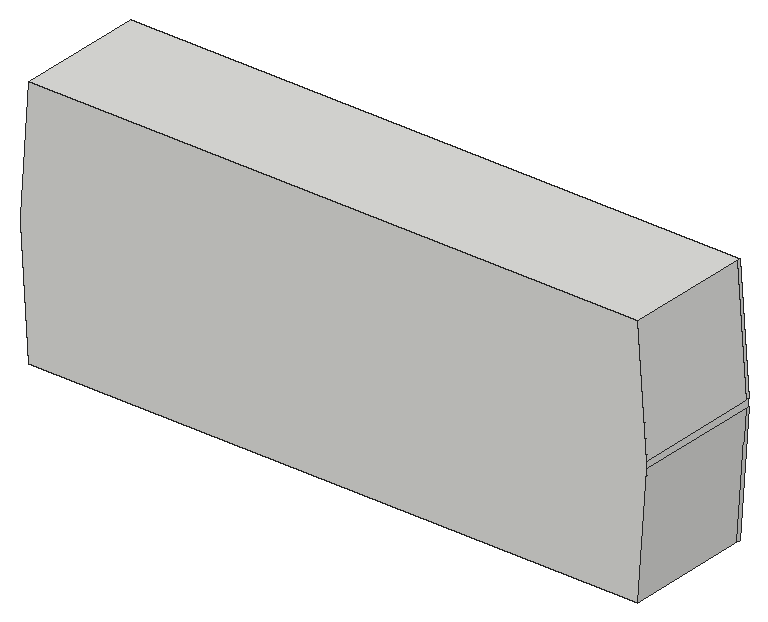
Revit family "290410 ProLED combi ST LED 230V 1t_Vegg", category Lighting Fixtures, Revit 2016
Family settings
  Part Type = Normal
  Round Connector Dimension = Use Diameter
  OmniClass Number = 23.80.70.11.21
  OmniClass Title = Emergency Lighting
  Work Plane-Based = No
  Always vertical = Yes
  Cut with Voids When Loaded = No
  Light Source = Yes
  Shared = No
  Room Calculation Point = No
Parameters (values of type "MarkeringsLys (45 Ned mot høyre)")
  Type Comments = "-UN"
  NS8360 = "4431_WT2"
  Markeringslys normal = yes
  Markeringslys ikke normal = no
  Keynote = "WT2"
  Height 2 = 0 mm  # constant formula
  Width = 73 mm  # constant formula
  Wattage Comments = "17 W"
  Wattage = 9.2903 W
  built-in parameter 1150110 = 1 (stored number, unit not read)
  Voltage = 230 V
  URL = ""
  built-in parameter 1114217 = 1 (stored number, unit not read)
  Tilt Angle = 90.00°
  built-in parameter 1150109 = 1 (stored number, unit not read)
  built-in parameter 1150134 = 3
  Symbol Positive Direction [instance] = yes
  Symbol Offset Side [instance] = 0 mm
  Symbol Offset Out [instance] = 0 mm
  built-in parameter 1150113 = 1 (stored number, unit not read)
  Reference Line Out [instance] = 50 mm
  Photometric Web File = "20x42A12.ies"
  Number of Poles = 1
  MarkeringsLys Venstre = no
  MarkeringsLys Ned = no
  MarkeringsLys Opp = no
  MarkeringsLys Høyre = no
  MarkeringsLys 45 Opp mot venstre = no
  MarkeringsLys 45 Opp mot høyre = no
  MarkeringsLys 45 Ned mot venstre = no
  MarkeringsLys 45 Ned mot høyre = yes
  ML = yes
  built-in parameter 1150105 = 109.82 (stored number, unit not read)
  Lumens = 1380 lm
  built-in parameter 1150115 = 1 (stored number, unit not read)
  Load Classification [instance] = Other
  Model = ""
  Manufacturer = "Honeywell"
  built-in parameter 1150137 = (empty or 0)
  built-in parameter 1150139 = (empty or 0)
  Length 1 = Length - 15 mm  # 345 mm
  Length = 360 mm  # constant formula
  LedeLys = no
  built-in parameter 1150112 = 1 (stored number, unit not read)
  built-in parameter 1150114 = 1 (stored number, unit not read)
  Lamp = "1"
  built-in parameter 1150132 = (empty or 0)
  built-in parameter 1150102 = (empty or 0)
  built-in parameter 1150107 = 3200 (stored number, unit not read)
  built-in parameter 1150138 = (empty or 0)
  built-in parameter 1150106 = 1.0982 (stored number, unit not read)
  Height 1 = Height - 10 mm  # 135 mm
  Height = 145 mm  # constant formula
  Emit from Rectangle Width = Height  # 145 mm
  Emit from Rectangle Length = Length  # 360 mm
  Emit Shape Visible in Rendering = no
  built-in parameter 1150104 = 13.8 (stored number, unit not read)
  Dimming Lamp Color Temperature Shift = <None>
  Description = ""
  Color Filter = 16777215
  Body Material and Colour = Steel
  built-in parameter 1114218 = 1 (stored number, unit not read)
  built-in parameter 1150133 = 10 (stored number, unit not read)
  Assembly Code = "4431"
  Apparent Load = 17 VA
Types (9, lengths in mm): name | NS8360 | Markeringslys normal | Markeringslys ikke normal | MarkeringsLys Venstre | MarkeringsLys Ned | MarkeringsLys Opp | MarkeringsLys Høyre | MarkeringsLys 45 Opp mot venstre | MarkeringsLys 45 Opp mot høyre | MarkeringsLys 45 Ned mot venstre | MarkeringsLys 45 Ned mot høyre | ML | LedeLys | Assembly Code
  LedeLys | "4432_WT2" | no | yes | no | no | no | no | no | no | no | no | no | yes | "4432"
  MarkeringsLys (Ned) | "4431_WT2" | yes | no | no | yes | no | no | no | no | no | no | yes | no | "4431"
  MarkeringsLys (Opp) | "4431_WT2" | yes | no | no | no | yes | no | no | no | no | no | yes | no | "4431"
  MarkeringsLys (Venstre) | "4431_WT2" | no | yes | yes | no | no | no | no | no | no | no | yes | no | "4431"
  MarkeringsLys (Høyre) | "4431_WT2" | yes | no | no | no | no | yes | no | no | no | no | yes | no | "4431"
  MarkeringsLys (45 Ned mot høyre) | "4431_WT2" | yes | no | no | no | no | no | no | no | no | yes | yes | no | "4431"
  MarkeringsLys (45 Ned mot venstre) | "4431_WT2" | no | yes | no | no | no | no | no | no | yes | no | yes | no | "4431"
  MarkeringsLys (45 Opp mot høyre) | "4431_WT2" | yes | no | no | no | no | no | no | yes | no | no | yes | no | "4431"
  MarkeringsLys (45 Opp mot venstre) | "4431_WT2" | no | yes | no | no | no | no | yes | no | no | no | yes | no | "4431"
Reference planes
  plane 1 "Light Source Axis (F/B)": y = 119.961
  plane 2 "Top": z = 83
  plane 3 "Light Source Axis (L/R)": x = 0
  plane 4 "Level": z = 0
  plane 5 "Bottom": z = -145
  plane 6: x = -180
  plane 7: x = 180
  plane 8: y = 190.961
  plane 9: y = 192.961
  plane 10: z = -5
  plane 11: x = -172.5
  plane 12: x = 172.5
  plane 13: z = -72.5
  plane 14: z = -140
  plane 15: x = -80
  plane 16: x = 80
  plane 17: y = 149.961
Forms (mm)
  Extrusion 1, solid, material "Steel" <- "Body Material and Colour"
    sketch origin (0, 119.961, 0) x (1, 0, 0) y (0, 0, 1)
      loop
        arc (-175, 0) -> (-178.748, -35.161) -> (-180, -70.5) r 499.525
        line (-180, -70.5) -> (-180, -74.5)
        arc (-180, -74.5) -> (-178.748, -109.839) -> (-175, -145) r 499.525
        line (-175, -145) -> (175, -145)
        arc (175, -145) -> (178.748, -109.839) -> (180, -74.5) r 499.525
        line (180, -74.5) -> (180, -70.5)
        arc (180, -70.5) -> (178.748, -35.161) -> (175, 0) r 499.525
        line (175, 0) -> (-175, 0)
    from 0 to -71
  Extrusion 2, solid, material "Steel" <- "Body Material and Colour"
    sketch origin (0, 119.961, 0) x (1, 0, 0) y (0, 0, 1)
      loop
        arc (-175, 0) -> (-178.748, -35.161) -> (-180, -70.5) r 499.525
        line (-180, -70.5) -> (-180, -74.5)
        arc (-180, -74.5) -> (-178.748, -109.839) -> (-175, -145) r 499.525
        line (-175, -145) -> (175, -145)
        arc (175, -145) -> (178.748, -109.839) -> (180, -74.5) r 499.525
        line (180, -74.5) -> (180, -70.5)
        arc (180, -70.5) -> (178.748, -35.161) -> (175, 0) r 499.525
        line (175, 0) -> (-175, 0)
      loop
        line (-172.5, -5) -> (-172.5, -140) -> (172.5, -140) -> (172.5, -5) -> (-172.5, -5)
    from -73 to -71
  Extrusion 3, solid, material "White"
    sketch origin (0, 119.961, 0) x (1, 0, 0) y (0, 0, 1)
      loop
        line (172.5, -5) -> (-172.5, -5) -> (-172.5, -140) -> (172.5, -140) -> (172.5, -5)
    from -71 to -30
Cuts and joins
  joined: Extrusion 1, Extrusion 2
Lines and regions (mm)
  model lines, style "InvisibleLines"
    curve 1: line (0, 119.961, 0) -> (0, 169.961, 0)
  symbolic lines, style "InvisibleLines"
    curve 2: line (0, 119.961, 0) -> (0, 119.961, 50)
Dimensions and locks
  equal spacing: plane 6, plane 3 "Light Source Axis (L/R)", plane 7
  "Length": plane 6 to plane 7
  plane 8 to plane 1 "Light Source Axis (F/B)" = 71 mm
  locked: plane 9 to plane 8 at 2
  equal spacing: plane 4 "Level", plane 13, plane 5 "Bottom"
  "Height": plane 4 "Level" to plane 5 "Bottom"
  equal spacing: plane 11, plane 3 "Light Source Axis (L/R)", plane 12
  "Length 1": plane 11 to plane 12
  equal spacing: plane 10, plane 13, plane 14
  "Height 1": plane 10 to plane 14
  "Width": plane 1 "Light Source Axis (F/B)" to plane 9
  "Reference Line Out": plane 1 "Light Source Axis (F/B)" to curve 1
  plane 11 to plane 6 = 7.5 mm
  "Height 2": level to plane 4 "Level"
  equal spacing: plane 16, plane 3 "Light Source Axis (L/R)", plane 15
  locked: plane 16 to plane 15 at 160
  plane 1 "Light Source Axis (F/B)" to plane 17 = 30 mm
  aligned and locked: plane 3 "Light Source Axis (L/R)" to nested 2
  aligned and locked: plane 1 "Light Source Axis (F/B)" to nested 2
  aligned and locked: plane 8 to nested 1
  aligned and locked: plane 4 "Level" to Extrusion 1 sketch curve
  aligned and locked: plane 5 "Bottom" to Extrusion 1 sketch curve
  aligned and locked: Extrusion 1 to plane 8
  aligned and locked: plane 1 "Light Source Axis (F/B)" to Extrusion 1
  aligned and locked: plane 4 "Level" to Extrusion 2 sketch curve
  aligned and locked: plane 5 "Bottom" to Extrusion 2 sketch curve
  aligned and locked: plane 6 to Extrusion 2 sketch curve
  aligned and locked: Extrusion 2 sketch curve to plane 10
  aligned and locked: plane 11 to Extrusion 2 sketch curve
  aligned and locked: plane 14 to Extrusion 2 sketch curve
  aligned and locked: Extrusion 2 sketch curve to plane 12
  aligned and locked: plane 8 to Extrusion 2
  aligned and locked: Extrusion 2 to plane 9
  aligned and locked: nested 1 to plane 13
  aligned and locked: plane 13 to imposter light
  aligned and locked: imposter light to plane 1 "Light Source Axis (F/B)"
  aligned and locked: imposter light to plane 3 "Light Source Axis (L/R)"
  aligned and locked: plane 1 "Light Source Axis (F/B)" to curve 1
  aligned and locked: plane 3 "Light Source Axis (L/R)" to curve 1
  aligned and locked: nested 3 to plane 3 "Light Source Axis (L/R)"
  aligned and locked: plane 13 to nested 3
  aligned and locked: nested 3 to plane 8
  aligned and locked: plane 13 to nested 4
  aligned and locked: nested 4 to plane 3 "Light Source Axis (L/R)"
  aligned and locked: nested 4 to plane 8
  aligned and locked: plane 13 to nested 5
  aligned and locked: nested 5 to plane 3 "Light Source Axis (L/R)"
  aligned and locked: nested 5 to plane 8
  aligned and locked: plane 13 to nested 6
  aligned and locked: nested 6 to plane 3 "Light Source Axis (L/R)"
  aligned and locked: nested 6 to plane 8
  aligned and locked: nested 7 to plane 8
  aligned and locked: nested 7 to plane 3 "Light Source Axis (L/R)"
  aligned and locked: plane 13 to nested 7
  aligned and locked: nested 8 to plane 8
  aligned and locked: nested 8 to plane 3 "Light Source Axis (L/R)"
  aligned and locked: plane 13 to nested 8
  aligned and locked: nested 9 to plane 8
  aligned and locked: plane 13 to nested 9
  aligned and locked: nested 9 to plane 3 "Light Source Axis (L/R)"
  aligned and locked: Extrusion 3 sketch curve to plane 12
  aligned and locked: plane 14 to Extrusion 3 sketch curve
  aligned and locked: plane 11 to Extrusion 3 sketch curve
  aligned and locked: Extrusion 3 sketch curve to plane 10
  aligned and locked: Extrusion 3 to plane 8
  aligned and locked: Extrusion 3 to plane 17
  aligned and locked: Extrusion 1 sketch curve to plane 7
  aligned and locked: plane 7 to Extrusion 2 sketch curve
  aligned and locked: plane 3 "Light Source Axis (L/R)" to curve 2
  aligned and locked: level to curve 2
  aligned and locked: plane 3 "Light Source Axis (L/R)" to nested 10
  aligned and locked: plane 1 "Light Source Axis (F/B)" to nested 10
Automatic sketch dimensions
  Extrusion 1 sketch curve to plane 6 = 0 mm
  plane 13 to Extrusion 1 sketch curve = 2 mm  (x2)
  Extrusion 1 sketch curve to Extrusion 1 sketch curve = 139.525 mm
  Extrusion 1 sketch curve to plane 13 = 2 mm  (x2)
  Extrusion 1 sketch curve to Extrusion 1 sketch curve = 0 mm  (x2)
  plane 6 to Extrusion 1 sketch curve = 5 mm
  plane 13 to Extrusion 2 sketch curve = 2 mm  (x2)
  Extrusion 2 sketch curve to plane 6 = 139.525 mm
  Extrusion 2 sketch curve to plane 13 = 2 mm  (x2)
  Extrusion 2 sketch curve to Extrusion 2 sketch curve = 0 mm  (x2)
  plane 6 to Extrusion 2 sketch curve = 5 mm
  plane 2 "Top" to curve 2 = 33 mm
Nested families
  nested 1: "Formula 65_ned" at (0, 190.961, -72.5), type "Formula 65"
  nested 2: "LedelysS" at (0, 119.961, 0), visible <- "LedeLys", type "Type 1"
  nested 3: "Formula 65_skrått 45 grader ned mot høyre" at (0, 190.961, -72.5) x (-1, 0, 0) z (0, 0, 1), visible <- "LedeLys", type "Formula 65"
  nested 4: "Formula 65_skrått 45 grader ned mot venstre" at (0, 190.961, -72.5) x (-1, 0, 0) z (0, 0, 1), type "Formula 65"
  nested 5: "Formula 65_skrått 45 grader opp mot høyre" at (0, 190.961, -72.5) x (-1, 0, 0) z (0, 0, 1), type "Formula 65"
  nested 6: "Formula 65_skrått 45 grader opp mot venstre" at (0, 190.961, -72.5) x (-1, 0, 0) z (0, 0, 1), type "Formula 65"
  nested 7: "Formula 65_høyre" at (0, 190.961, -72.5) x (-1, 0, 0) z (0, 0, 1), type "Formula 65"
  nested 8: "Formula 65_opp" at (0, 190.961, -72.5) x (-1, 0, 0) z (0, 0, 1), type "Formula 65"
  nested 9: "Formula 65_venstre" at (0, 190.961, -72.5) x (-1, 0, 0) z (0, 0, 1), type "Formula 65"
  nested 10: "Markeringslys1sideS" at (0, 119.961, 0), visible <- "ML", type "Type 1"
Connectors
  electrical at (0, 119.961, 0), driven by "Number of Poles", driven by "Load Classification", driven by "Voltage", driven by "Apparent Load"
    settings: index 1, voltage 230 V, apparent load 0 VA, apparent load phase1 17 VA, apparent load phase2 0 VA, apparent load phase3 0 VA, power factor 1, load classification "Other", number of poles 1, system type 31, power factor state 1, is connector primary yes, connector utility no, sub classification motor no, connector description ""
Definition of nested family "Formula 65_skrått 45 grader ned mot høyre"
  Parameters (values of type "Formula 65")
    L = 205 mm
    H = 135 mm
    45 ned mot høyre = yes
  Reference planes
    plane 1 "Center (Front/Back)": y = 0
    plane 2: z = 0
    plane 3 "Center (Left/Right)": x = 0
    plane 4: y = -2
  Forms (mm)
    Extrusion 1, solid, visible <- "45 ned mot høyre"
      sketch origin (453.48, 0, -265.275) x (1, 0, 0) y (0, 0, 1)
        loop
          line (-280.98, 332.775) -> (-625.98, 332.775) -> (-625.98, 197.775) -> (-280.98, 197.775) -> (-280.98, 332.775)
        loop
          circle (-489.344, 311.311) r 8.584
        loop
          line (-496.375, 296.212) -> (-503.256, 301.986) -> (-544.493, 293.956) -> (-554.828, 278.04)
          arc (-554.828, 278.04) -> (-555.16, 276.251) -> (-554.129, 274.751) r 2.378
          line (-554.129, 274.751) -> (-551.383, 272.968)
          arc (-551.383, 272.968) -> (-549.533, 272.65) -> (-548.029, 273.773) r 2.378
          line (-548.029, 273.773) -> (-540.601, 286.639) -> (-519.978, 290.655) -> (-539.937, 256.084) -> (-560.502, 256.084)
          arc (-560.502, 256.084) -> (-563.304, 254.924) -> (-564.465, 252.121) r 3.963
          line (-564.465, 252.121) -> (-564.465, 248.158)
          arc (-564.465, 248.158) -> (-563.304, 245.356) -> (-560.502, 244.195) r 3.963
          line (-560.502, 244.195) -> (-519.345, 244.195) -> (-513.014, 255.162) -> (-505.021, 248.455) -> (-505.021, 216.163)
          arc (-505.021, 216.163) -> (-503.86, 213.361) -> (-501.058, 212.2) r 3.963
          line (-501.058, 212.2) -> (-497.095, 212.2)
          arc (-497.095, 212.2) -> (-494.293, 213.361) -> (-493.132, 216.163) r 3.963
          line (-493.132, 216.163) -> (-493.132, 253.999) -> (-506.978, 265.617) -> (-500.942, 276.072) -> (-487.759, 265.011)
          arc (-487.759, 265.011) -> (-486.024, 264.463) -> (-484.41, 265.304) r 2.378
          line (-484.41, 265.304) -> (-482.372, 267.732)
          arc (-482.372, 267.732) -> (-481.824, 269.468) -> (-482.665, 271.082) r 2.378
          line (-482.665, 271.082) -> (-496.917, 283.042) -> (-491.898, 291.735) -> (-496.375, 296.212)
        loop
          line (-348.33, 266.575) -> (-359.603, 277.848) -> (-359.603, 251.545) -> (-415.243, 307.186) -> (-426.516, 295.913) -> (-370.876, 240.273) -> (-397.178, 240.273) -> (-385.906, 229) -> (-348.33, 229) -> (-348.33, 266.575)
      from 0 to 2
  Dimensions and locks
    aligned and locked: level to plane 2
Definition of nested family "Formula 65_ned"
  Parameters (values of type "Formula 65")
    Ned = yes
    L = 205 mm
    H = 135 mm
  Reference planes
    plane 1 "Center (Front/Back)": y = 0
    plane 2: z = 0
    plane 3 "Center (Left/Right)": x = 0
    plane 4: y = -2
  Forms (mm)
    Extrusion 1, solid, visible <- "Ned"
      sketch origin (453.48, 0, -265.275) x (1, 0, 0) y (0, 0, 1)
        loop
          line (-280.98, 332.775) -> (-625.98, 332.775) -> (-625.98, 197.775) -> (-280.98, 197.775) -> (-280.98, 332.775)
        loop
          line (-504.749, 240.544) -> (-504.749, 256.486) -> (-523.347, 237.888) -> (-523.347, 316.575) -> (-539.289, 316.575) -> (-539.289, 237.888) -> (-557.888, 256.486) -> (-557.888, 240.544) -> (-531.318, 213.975) -> (-504.749, 240.544)
        loop
          circle (-417.615, 311.311) r 8.584
        loop
          line (-410.584, 296.212) -> (-415.061, 291.735) -> (-410.042, 283.042) -> (-424.294, 271.082)
          arc (-424.294, 271.082) -> (-425.135, 269.468) -> (-424.587, 267.732) r 2.378
          line (-424.587, 267.732) -> (-422.549, 265.304)
          arc (-422.549, 265.304) -> (-420.935, 264.463) -> (-419.2, 265.011) r 2.378
          line (-419.2, 265.011) -> (-406.018, 276.072) -> (-399.981, 265.617) -> (-413.827, 253.999) -> (-413.827, 216.163)
          arc (-413.827, 216.163) -> (-412.666, 213.361) -> (-409.864, 212.2) r 3.963
          line (-409.864, 212.2) -> (-405.901, 212.2)
          arc (-405.901, 212.2) -> (-403.099, 213.361) -> (-401.938, 216.163) r 3.963
          line (-401.938, 216.163) -> (-401.938, 248.455) -> (-393.945, 255.162) -> (-387.614, 244.195) -> (-346.457, 244.195)
          arc (-346.457, 244.195) -> (-343.655, 245.356) -> (-342.494, 248.158) r 3.963
          line (-342.494, 248.158) -> (-342.494, 252.121)
          arc (-342.494, 252.121) -> (-343.655, 254.924) -> (-346.457, 256.084) r 3.963
          line (-346.457, 256.084) -> (-367.022, 256.084) -> (-386.981, 290.655) -> (-366.358, 286.639) -> (-358.93, 273.773)
          arc (-358.93, 273.773) -> (-357.426, 272.65) -> (-355.576, 272.968) r 2.378
          line (-355.576, 272.968) -> (-352.83, 274.751)
          arc (-352.83, 274.751) -> (-351.799, 276.251) -> (-352.131, 278.04) r 2.378
          line (-352.131, 278.04) -> (-362.467, 293.956) -> (-403.704, 301.986) -> (-410.584, 296.212)
      from 0 to 2
  Dimensions and locks
    aligned and locked: level to plane 2
Definition of nested family "LedelysS"
  Parameters
    CQ Symbol Positive Direction = yes
    CQ Symbol Negative Direction = not(CQ Symbol Positive Direction)  # no
    CQ Symbol Offset Side = 0 mm
    CQ Symbol Offset Out = 0 mm
  Reference planes
    plane 1: y = 0
    plane 2: x = 0
  Dimensions and locks
    "CQ Symbol Offset Out": plane 1 to nested 1
    "CQ Symbol Offset Out": plane 1 to nested 2
    "CQ Symbol Offset Side": plane 2 to nested 2
    "CQ Symbol Offset Side": nested 1 to plane 2
  Nested families
    nested 1: "LedelysSub" at (0, 0, 0), visible <- "CQ Symbol Negative Direction", type "Type 1"
    nested 2: "LedelysSub" at (0, 0, 0), visible <- "CQ Symbol Positive Direction", type "Type 1"
  Definition of nested family "LedelysSub"
    Reference planes
      plane 1: y = 0
      plane 2: x = 0
    Lines and regions (mm)
      detail lines
        curve 1: line (-4, 0, 0) -> (4, 0, 0)
        curve 2: line (4, 0, 0) -> (4, 4, 0)
        curve 3: line (4, 4, 0) -> (-4, 4, 0)
        curve 4: line (-4, 4, 0) -> (-4, 0, 0)
        curve 5: line (-3.097, 0.75, 0) -> (-0.597, 3.25, 0)
        curve 6: line (-3.097, 3.25, 0) -> (-0.597, 0.75, 0)
        curve 7: circle (-1.847, 2, 0) r 1.2 normal (0, 0, 1)
    Text (mm)
      text "LL" at (2.179, 3.025, 0)
Definition of nested family "Formula 65_skrått 45 grader ned mot venstre"
  Parameters (values of type "Formula 65")
    L = 205 mm
    H = 135 mm
    45 ned mot venstre = yes
  Reference planes
    plane 1 "Center (Front/Back)": y = 0
    plane 2: z = 0
    plane 3 "Center (Left/Right)": x = 0
    plane 4: y = -2
  Forms (mm)
    Extrusion 1, solid, visible <- "45 ned mot venstre"
      sketch origin (453.48, 0, -265.275) x (1, 0, 0) y (0, 0, 1)
        loop
          line (-280.98, 332.775) -> (-625.98, 332.775) -> (-625.98, 197.775) -> (-280.98, 197.775) -> (-280.98, 332.775)
        loop
          circle (-417.615, 311.311) r 8.584
        loop
          line (-410.584, 296.212) -> (-415.061, 291.735) -> (-410.042, 283.042) -> (-424.294, 271.082)
          arc (-424.294, 271.082) -> (-425.135, 269.468) -> (-424.587, 267.732) r 2.378
          line (-424.587, 267.732) -> (-422.549, 265.304)
          arc (-422.549, 265.304) -> (-420.935, 264.463) -> (-419.2, 265.011) r 2.378
          line (-419.2, 265.011) -> (-406.018, 276.072) -> (-399.981, 265.617) -> (-413.827, 253.999) -> (-413.827, 216.163)
          arc (-413.827, 216.163) -> (-412.666, 213.361) -> (-409.864, 212.2) r 3.963
          line (-409.864, 212.2) -> (-405.901, 212.2)
          arc (-405.901, 212.2) -> (-403.099, 213.361) -> (-401.938, 216.163) r 3.963
          line (-401.938, 216.163) -> (-401.938, 248.455) -> (-393.945, 255.162) -> (-387.614, 244.195) -> (-346.457, 244.195)
          arc (-346.457, 244.195) -> (-343.655, 245.356) -> (-342.494, 248.158) r 3.963
          line (-342.494, 248.158) -> (-342.494, 252.121)
          arc (-342.494, 252.121) -> (-343.655, 254.924) -> (-346.457, 256.084) r 3.963
          line (-346.457, 256.084) -> (-367.022, 256.084) -> (-386.981, 290.655) -> (-366.358, 286.639) -> (-358.93, 273.773)
          arc (-358.93, 273.773) -> (-357.426, 272.65) -> (-355.576, 272.968) r 2.378
          line (-355.576, 272.968) -> (-352.83, 274.751)
          arc (-352.83, 274.751) -> (-351.799, 276.251) -> (-352.131, 278.04) r 2.378
          line (-352.131, 278.04) -> (-362.467, 293.956) -> (-403.704, 301.986) -> (-410.584, 296.212)
        loop
          line (-553.229, 266.575) -> (-553.229, 229) -> (-515.653, 229) -> (-504.381, 240.273) -> (-530.684, 240.273) -> (-475.043, 295.913) -> (-486.316, 307.186) -> (-541.956, 251.545) -> (-541.956, 277.848) -> (-553.229, 266.575)
      from 0 to 2
  Dimensions and locks
    aligned and locked: level to plane 2
Definition of nested family "Formula 65_skrått 45 grader opp mot høyre"
  Parameters (values of type "Formula 65")
    L = 205 mm
    H = 135 mm
    45 grader opp mot høyre = yes
  Reference planes
    plane 1 "Center (Front/Back)": y = 0
    plane 2: z = 0
    plane 3 "Center (Left/Right)": x = 0
    plane 4: y = -2
  Forms (mm)
    Extrusion 1, solid, visible <- "45 grader opp mot høyre"
      sketch origin (453.48, 0, -265.275) x (1, 0, 0) y (0, 0, 1)
        loop
          line (-280.98, 332.775) -> (-625.98, 332.775) -> (-625.98, 197.775) -> (-280.98, 197.775) -> (-280.98, 332.775)
        loop
          circle (-489.344, 311.311) r 8.584
        loop
          line (-496.375, 296.212) -> (-503.256, 301.986) -> (-544.493, 293.956) -> (-554.828, 278.04)
          arc (-554.828, 278.04) -> (-555.16, 276.251) -> (-554.129, 274.751) r 2.378
          line (-554.129, 274.751) -> (-551.383, 272.968)
          arc (-551.383, 272.968) -> (-549.533, 272.65) -> (-548.029, 273.773) r 2.378
          line (-548.029, 273.773) -> (-540.601, 286.639) -> (-519.978, 290.655) -> (-539.937, 256.084) -> (-560.502, 256.084)
          arc (-560.502, 256.084) -> (-563.304, 254.924) -> (-564.465, 252.121) r 3.963
          line (-564.465, 252.121) -> (-564.465, 248.158)
          arc (-564.465, 248.158) -> (-563.304, 245.356) -> (-560.502, 244.195) r 3.963
          line (-560.502, 244.195) -> (-519.345, 244.195) -> (-513.014, 255.162) -> (-505.021, 248.455) -> (-505.021, 216.163)
          arc (-505.021, 216.163) -> (-503.86, 213.361) -> (-501.058, 212.2) r 3.963
          line (-501.058, 212.2) -> (-497.095, 212.2)
          arc (-497.095, 212.2) -> (-494.293, 213.361) -> (-493.132, 216.163) r 3.963
          line (-493.132, 216.163) -> (-493.132, 253.999) -> (-506.978, 265.617) -> (-500.942, 276.072) -> (-487.759, 265.011)
          arc (-487.759, 265.011) -> (-486.024, 264.463) -> (-484.41, 265.304) r 2.378
          line (-484.41, 265.304) -> (-482.372, 267.732)
          arc (-482.372, 267.732) -> (-481.824, 269.468) -> (-482.665, 271.082) r 2.378
          line (-482.665, 271.082) -> (-496.917, 283.042) -> (-491.898, 291.735) -> (-496.375, 296.212)
        loop
          line (-348.33, 263.974) -> (-348.33, 301.549) -> (-385.906, 301.549) -> (-397.178, 290.277) -> (-370.876, 290.277) -> (-426.516, 234.636) -> (-415.243, 223.364) -> (-359.603, 279.004) -> (-359.603, 252.701) -> (-348.33, 263.974)
      from 0 to 2
  Dimensions and locks
    aligned and locked: level to plane 2
Definition of nested family "Formula 65_skrått 45 grader opp mot venstre"
  Parameters (values of type "Formula 65")
    L = 205 mm
    H = 135 mm
    45 opp mot venstre = yes
  Reference planes
    plane 1 "Center (Front/Back)": y = 0
    plane 2: z = 0
    plane 3 "Center (Left/Right)": x = 0
    plane 4: y = -2
  Forms (mm)
    Extrusion 1, solid, visible <- "45 opp mot venstre"
      sketch origin (453.48, 0, -265.275) x (1, 0, 0) y (0, 0, 1)
        loop
          line (-280.98, 332.775) -> (-625.98, 332.775) -> (-625.98, 197.775) -> (-280.98, 197.775) -> (-280.98, 332.775)
        loop
          circle (-413.631, 316.426) r 9.538
        loop
          line (-405.818, 299.649) -> (-410.792, 294.675) -> (-405.215, 285.016) -> (-421.051, 271.728)
          arc (-421.051, 271.728) -> (-421.985, 269.934) -> (-421.377, 268.006) r 2.642
          line (-421.377, 268.006) -> (-419.113, 265.307)
          arc (-419.113, 265.307) -> (-417.319, 264.373) -> (-415.391, 264.981) r 2.642
          line (-415.391, 264.981) -> (-400.744, 277.271) -> (-394.037, 265.655) -> (-409.421, 252.746) -> (-409.421, 210.706)
          arc (-409.421, 210.706) -> (-408.132, 207.592) -> (-405.018, 206.303) r 4.403
          line (-405.018, 206.303) -> (-400.615, 206.303)
          arc (-400.615, 206.303) -> (-397.501, 207.592) -> (-396.211, 210.706) r 4.403
          line (-396.211, 210.706) -> (-396.211, 246.586) -> (-387.33, 254.038) -> (-380.295, 241.853) -> (-334.565, 241.853)
          arc (-334.565, 241.853) -> (-331.452, 243.143) -> (-330.162, 246.257) r 4.403
          line (-330.162, 246.257) -> (-330.162, 250.66)
          arc (-330.162, 250.66) -> (-331.452, 253.773) -> (-334.565, 255.063) r 4.403
          line (-334.565, 255.063) -> (-357.415, 255.063) -> (-379.592, 293.474) -> (-356.678, 289.013) -> (-348.425, 274.717)
          arc (-348.425, 274.717) -> (-346.753, 273.469) -> (-344.698, 273.823) r 2.642
          line (-344.698, 273.823) -> (-341.647, 275.804)
          arc (-341.647, 275.804) -> (-340.501, 277.47) -> (-340.87, 279.459) r 2.642
          line (-340.87, 279.459) -> (-352.354, 297.143) -> (-398.173, 306.065) -> (-405.818, 299.649)
        loop
          line (-576.312, 263.83) -> (-563.787, 251.304) -> (-563.787, 280.53) -> (-501.964, 218.707) -> (-489.439, 231.232) -> (-551.262, 293.055) -> (-522.037, 293.055) -> (-534.562, 305.58) -> (-576.312, 305.58) -> (-576.312, 263.83)
      from 0 to 2
  Dimensions and locks
    aligned and locked: level to plane 2
Definition of nested family "Formula 65_høyre"
  Parameters (values of type "Formula 65")
    L = 205 mm
    Høyre = yes
    H = 135 mm
  Reference planes
    plane 1 "Center (Front/Back)": y = 0
    plane 2: z = 0
    plane 3 "Center (Left/Right)": x = 0
    plane 4: y = -2
  Forms (mm)
    Extrusion 1, solid, visible <- "Høyre"
      sketch origin (453.48, 0, -265.275) x (1, 0, 0) y (0, 0, 1)
        loop
          line (-280.98, 332.775) -> (-625.98, 332.775) -> (-625.98, 197.775) -> (-280.98, 197.775) -> (-280.98, 332.775)
        loop
          circle (-489.344, 311.311) r 8.584
        loop
          line (-496.375, 296.212) -> (-503.256, 301.986) -> (-544.493, 293.956) -> (-554.828, 278.04)
          arc (-554.828, 278.04) -> (-555.16, 276.251) -> (-554.129, 274.751) r 2.378
          line (-554.129, 274.751) -> (-551.383, 272.968)
          arc (-551.383, 272.968) -> (-549.533, 272.65) -> (-548.029, 273.773) r 2.378
          line (-548.029, 273.773) -> (-540.601, 286.639) -> (-519.978, 290.655) -> (-539.937, 256.084) -> (-560.502, 256.084)
          arc (-560.502, 256.084) -> (-563.304, 254.924) -> (-564.465, 252.121) r 3.963
          line (-564.465, 252.121) -> (-564.465, 248.158)
          arc (-564.465, 248.158) -> (-563.304, 245.356) -> (-560.502, 244.195) r 3.963
          line (-560.502, 244.195) -> (-519.345, 244.195) -> (-513.014, 255.162) -> (-505.021, 248.455) -> (-505.021, 216.163)
          arc (-505.021, 216.163) -> (-503.86, 213.361) -> (-501.058, 212.2) r 3.963
          line (-501.058, 212.2) -> (-497.095, 212.2)
          arc (-497.095, 212.2) -> (-494.293, 213.361) -> (-493.132, 216.163) r 3.963
          line (-493.132, 216.163) -> (-493.132, 253.999) -> (-506.978, 265.617) -> (-500.942, 276.072) -> (-487.759, 265.011)
          arc (-487.759, 265.011) -> (-486.024, 264.463) -> (-484.41, 265.304) r 2.378
          line (-484.41, 265.304) -> (-482.372, 267.732)
          arc (-482.372, 267.732) -> (-481.824, 269.468) -> (-482.665, 271.082) r 2.378
          line (-482.665, 271.082) -> (-496.917, 283.042) -> (-491.898, 291.735) -> (-496.375, 296.212)
        loop
          line (-357.175, 291.844) -> (-373.117, 291.844) -> (-354.518, 273.246) -> (-433.205, 273.246) -> (-433.205, 257.304) -> (-354.518, 257.304) -> (-373.117, 238.705) -> (-357.175, 238.705) -> (-330.605, 265.275) -> (-357.175, 291.844)
      from 0 to 2
  Dimensions and locks
    aligned and locked: level to plane 2
Definition of nested family "Formula 65_opp"
  Parameters (values of type "Formula 65")
    Up = yes
    L = 205 mm
    H = 135 mm
  Reference planes
    plane 1 "Center (Front/Back)": y = 0
    plane 2: z = 0
    plane 3 "Center (Left/Right)": x = 0
    plane 4: y = -2
  Forms (mm)
    Extrusion 1, solid, visible <- "Up"
      sketch origin (453.48, 0, -265.275) x (1, 0, 0) y (0, 0, 1)
        loop
          line (-280.98, 332.775) -> (-625.98, 332.775) -> (-625.98, 197.775) -> (-280.98, 197.775) -> (-280.98, 332.775)
        loop
          circle (-417.615, 311.311) r 8.584
        loop
          line (-410.584, 296.212) -> (-415.061, 291.735) -> (-410.042, 283.042) -> (-424.294, 271.082)
          arc (-424.294, 271.082) -> (-425.135, 269.468) -> (-424.587, 267.732) r 2.378
          line (-424.587, 267.732) -> (-422.549, 265.304)
          arc (-422.549, 265.304) -> (-420.935, 264.463) -> (-419.2, 265.011) r 2.378
          line (-419.2, 265.011) -> (-406.018, 276.072) -> (-399.981, 265.617) -> (-413.827, 253.999) -> (-413.827, 216.163)
          arc (-413.827, 216.163) -> (-412.666, 213.361) -> (-409.864, 212.2) r 3.963
          line (-409.864, 212.2) -> (-405.901, 212.2)
          arc (-405.901, 212.2) -> (-403.099, 213.361) -> (-401.938, 216.163) r 3.963
          line (-401.938, 216.163) -> (-401.938, 248.455) -> (-393.945, 255.162) -> (-387.614, 244.195) -> (-346.457, 244.195)
          arc (-346.457, 244.195) -> (-343.655, 245.356) -> (-342.494, 248.158) r 3.963
          line (-342.494, 248.158) -> (-342.494, 252.121)
          arc (-342.494, 252.121) -> (-343.655, 254.924) -> (-346.457, 256.084) r 3.963
          line (-346.457, 256.084) -> (-367.022, 256.084) -> (-386.981, 290.655) -> (-366.358, 286.639) -> (-358.93, 273.773)
          arc (-358.93, 273.773) -> (-357.426, 272.65) -> (-355.576, 272.968) r 2.378
          line (-355.576, 272.968) -> (-352.83, 274.751)
          arc (-352.83, 274.751) -> (-351.799, 276.251) -> (-352.131, 278.04) r 2.378
          line (-352.131, 278.04) -> (-362.467, 293.956) -> (-403.704, 301.986) -> (-410.584, 296.212)
        loop
          line (-504.749, 290.005) -> (-531.318, 316.575) -> (-557.888, 290.005) -> (-557.888, 274.063) -> (-539.289, 292.662) -> (-539.289, 213.975) -> (-523.347, 213.975) -> (-523.347, 292.662) -> (-504.749, 274.063) -> (-504.749, 290.005)
      from 0 to 2
  Dimensions and locks
    aligned and locked: level to plane 2
Definition of nested family "Formula 65_venstre"
  Parameters (values of type "Formula 65")
    Venstre = yes
    L = 345 mm
    H = 135 mm
  Reference planes
    plane 1 "Center (Front/Back)": y = 0
    plane 2: z = 0
    plane 3 "Center (Left/Right)": x = 0
    plane 4: y = -2
  Forms (mm)
    Extrusion 1, solid, visible <- "Venstre"
      sketch origin (453.48, 0, -265.275) x (1, 0, 0) y (0, 0, 1)
        loop
          line (-280.98, 332.775) -> (-625.98, 332.775) -> (-625.98, 197.775) -> (-280.98, 197.775) -> (-280.98, 332.775)
        loop
          circle (-417.615, 311.311) r 8.584
        loop
          line (-410.584, 296.212) -> (-415.061, 291.735) -> (-410.042, 283.042) -> (-424.294, 271.082)
          arc (-424.294, 271.082) -> (-425.135, 269.468) -> (-424.587, 267.732) r 2.378
          line (-424.587, 267.732) -> (-422.549, 265.304)
          arc (-422.549, 265.304) -> (-420.935, 264.463) -> (-419.2, 265.011) r 2.378
          line (-419.2, 265.011) -> (-406.018, 276.072) -> (-399.981, 265.617) -> (-413.827, 253.999) -> (-413.827, 216.163)
          arc (-413.827, 216.163) -> (-412.666, 213.361) -> (-409.864, 212.2) r 3.963
          line (-409.864, 212.2) -> (-405.901, 212.2)
          arc (-405.901, 212.2) -> (-403.099, 213.361) -> (-401.938, 216.163) r 3.963
          line (-401.938, 216.163) -> (-401.938, 248.455) -> (-393.945, 255.162) -> (-387.614, 244.195) -> (-346.457, 244.195)
          arc (-346.457, 244.195) -> (-343.655, 245.356) -> (-342.494, 248.158) r 3.963
          line (-342.494, 248.158) -> (-342.494, 252.121)
          arc (-342.494, 252.121) -> (-343.655, 254.924) -> (-346.457, 256.084) r 3.963
          line (-346.457, 256.084) -> (-367.022, 256.084) -> (-386.981, 290.655) -> (-366.358, 286.639) -> (-358.93, 273.773)
          arc (-358.93, 273.773) -> (-357.426, 272.65) -> (-355.576, 272.968) r 2.378
          line (-355.576, 272.968) -> (-352.83, 274.751)
          arc (-352.83, 274.751) -> (-351.799, 276.251) -> (-352.131, 278.04) r 2.378
          line (-352.131, 278.04) -> (-362.467, 293.956) -> (-403.704, 301.986) -> (-410.584, 296.212)
        loop
          line (-540.334, 291.844) -> (-566.904, 265.275) -> (-540.334, 238.705) -> (-524.393, 238.705) -> (-542.991, 257.304) -> (-464.304, 257.304) -> (-464.304, 273.246) -> (-542.991, 273.246) -> (-524.393, 291.844) -> (-540.334, 291.844)
      from 0 to 2
  Dimensions and locks
    aligned and locked: level to plane 2
Definition of nested family "Markeringslys1sideS"
  Parameters (values of type "Type 1")
    Venstre opp 45 = no
    Venstre ned 45 = no
    Venstre = yes
    Opp = no
    Normal = no
    Ned = no
    Ikke normal = yes
    Høyre opp 45 = no
    Høyre ned 45 = no
    Høyre = no
    CQ Symbol Positive Direction = yes
    CQ Symbol Negative Direction = not(CQ Symbol Positive Direction)  # no
    CQ Symbol Offset Side = 0 mm
    CQ Symbol Offset Out = 0 mm
  Reference planes
    plane 1: y = 0
    plane 2: x = 0
  Dimensions and locks
    "CQ Symbol Offset Out": plane 1 to nested 1
    "CQ Symbol Offset Out": plane 1 to nested 2
    "CQ Symbol Offset Side": plane 2 to nested 2
    "CQ Symbol Offset Side": nested 1 to plane 2
  Nested families
    nested 1: "Markeringslys dobbel" at (0, 0, 0), visible <- "CQ Symbol Negative Direction", type "Type 1"
    nested 2: "Markeringslys dobbel" at (0, 0, 0), visible <- "CQ Symbol Positive Direction", type "Type 1"
  Definition of nested family "Markeringslys dobbel"
    Parameters (values of type "Type 1")
      Venstre opp 45 = no
      Venstre ned 45 = no
      Venstre = yes
      Opp = no
      Normal = no
      Ned = no
      Ikke normal = yes
      Høyre opp 45 = no
      Høyre ned 45 = no
      Høyre = no
    Reference planes
      plane 1: y = 0
      plane 2: x = 0
    Lines and regions (mm)
      detail lines
        curve 1: line (-4, 0, 0) -> (4, 0, 0)
        curve 2: line (-4, 4, 0) -> (4, 4, 0)
        curve 3: line (4, 4, 0) -> (4, 0, 0)
        curve 4: line (4, 0, 0) -> (-4, 0, 0)
        curve 5: line (-4, 0, 0) -> (-4, 4, 0)
      detail lines, visible <- "Ned"
        curve 6: line (-2.346, 0.5, 0) -> (-1.646, 0.5, 0)
        curve 7: line (-2.346, 0.5, 0) -> (-2.346, 2.584, 0)
        curve 8: line (-1.646, 0.5, 0) -> (-1.646, 2.584, 0)
        curve 9: line (-1.996, 3.5, 0) -> (-2.996, 2.5, 0)
        curve 10: line (-2.996, 2.5, 0) -> (-2.996, 1.934, 0)
        curve 11: line (-2.996, 1.934, 0) -> (-2.346, 2.584, 0)
        curve 12: line (-1.996, 3.5, 0) -> (-0.996, 2.5, 0)
        curve 13: line (-0.996, 2.5, 0) -> (-0.996, 1.934, 0)
        curve 14: line (-0.996, 1.934, 0) -> (-1.646, 2.584, 0)
      detail lines, visible <- "Normal"
        curve 15: circle (1.212, 0.614, 0) r 0.3 normal (0, 0, -1)
        curve 16: line (0.986, 3.7, 0) -> (1.395, 3.7, 0)
        curve 17: line (0.986, 3.7, 0) -> (1.823, 2.308, 0)
        curve 18: line (1.823, 2.308, 0) -> (1.461, 1.495, 0)
        curve 19: line (1.069, 2.147, 0) -> (1.461, 1.495, 0)
        curve 20: line (1.069, 2.147, 0) -> (0.487, 2.147, 0)
        curve 21: line (0.487, 2.147, 0) -> (0.487, 1.847, 0)
        curve 22: line (0.487, 1.847, 0) -> (0.899, 1.847, 0)
        curve 23: line (0.899, 1.847, 0) -> (1.307, 1.169, 0)
        curve 24: line (1.395, 3.7, 0) -> (2.104, 2.518, 0)
        curve 25: line (1.307, 1.169, 0) -> (1.753, 0.97, 0)
        curve 26: line (1.753, 0.97, 0) -> (2.625, 0.97, 0)
        curve 27: line (2.625, 0.97, 0) -> (2.99, 1.627, 0)
        curve 28: line (2.99, 1.627, 0) -> (2.769, 1.848, 0)
        curve 29: line (2.769, 1.848, 0) -> (2.457, 1.285, 0)
        curve 30: line (2.104, 2.518, 0) -> (2.259, 3.229, 0)
        curve 31: line (2.259, 3.229, 0) -> (3.557, 3.229, 0)
        curve 32: line (3.557, 3.229, 0) -> (3.457, 2.879, 0)
        curve 33: line (3.457, 2.879, 0) -> (2.541, 2.879, 0)
        curve 34: line (2.541, 2.879, 0) -> (2.4, 2.23, 0)
        curve 35: line (2.4, 2.23, 0) -> (2.021, 1.38, 0)
        curve 36: line (2.021, 1.38, 0) -> (2.457, 1.285, 0)
      detail lines, visible <- "Opp"
        curve 37: line (-1.646, 3.5, 0) -> (-2.346, 3.5, 0)
        curve 38: line (-1.646, 3.5, 0) -> (-1.646, 1.416, 0)
        curve 39: line (-2.346, 3.5, 0) -> (-2.346, 1.416, 0)
        curve 40: line (-1.996, 0.5, 0) -> (-0.996, 1.5, 0)
        curve 41: line (-0.996, 1.5, 0) -> (-0.996, 2.066, 0)
        curve 42: line (-0.996, 2.066, 0) -> (-1.646, 1.416, 0)
        curve 43: line (-1.996, 0.5, 0) -> (-2.996, 1.5, 0)
        curve 44: line (-2.996, 1.5, 0) -> (-2.996, 2.066, 0)
        curve 45: line (-2.996, 2.066, 0) -> (-2.346, 1.416, 0)
      detail lines, visible <- "Høyre"
        curve 46: line (-0.496, 1.65, 0) -> (-0.496, 2.35, 0)
        curve 47: line (-0.496, 1.65, 0) -> (-2.58, 1.65, 0)
        curve 48: line (-0.496, 2.35, 0) -> (-2.58, 2.35, 0)
        curve 49: line (-3.496, 2, 0) -> (-2.466, 0.97, 0)
        curve 50: line (-2.496, 1, 0) -> (-1.93, 1, 0)
        curve 51: line (-1.93, 1, 0) -> (-2.58, 1.65, 0)
        curve 52: line (-3.496, 2, 0) -> (-2.496, 3, 0)
        curve 53: line (-2.496, 3, 0) -> (-1.93, 3, 0)
        curve 54: line (-1.93, 3, 0) -> (-2.58, 2.35, 0)
      detail lines, visible <- "Ikke normal"
        curve 55: circle (-1.299, 0.614, 0) r 0.3 normal (0, 0, 1)
        curve 56: line (-1.073, 3.7, 0) -> (-1.482, 3.7, 0)
        curve 57: line (-1.073, 3.7, 0) -> (-1.91, 2.308, 0)
        curve 58: line (-1.91, 2.308, 0) -> (-1.548, 1.495, 0)
        curve 59: line (-1.156, 2.147, 0) -> (-1.548, 1.495, 0)
        curve 60: line (-1.156, 2.147, 0) -> (-0.574, 2.147, 0)
        curve 61: line (-0.574, 2.147, 0) -> (-0.574, 1.847, 0)
        curve 62: line (-0.574, 1.847, 0) -> (-0.986, 1.847, 0)
        curve 63: line (-0.986, 1.847, 0) -> (-1.394, 1.169, 0)
        curve 64: line (-1.482, 3.7, 0) -> (-2.192, 2.518, 0)
        curve 65: line (-1.394, 1.169, 0) -> (-1.84, 0.97, 0)
        curve 66: line (-1.84, 0.97, 0) -> (-2.713, 0.97, 0)
        curve 67: line (-2.713, 0.97, 0) -> (-3.077, 1.627, 0)
        curve 68: line (-3.077, 1.627, 0) -> (-2.856, 1.848, 0)
        curve 69: line (-2.856, 1.848, 0) -> (-2.544, 1.285, 0)
        curve 70: line (-2.192, 2.518, 0) -> (-2.346, 3.229, 0)
        curve 71: line (-2.346, 3.229, 0) -> (-3.644, 3.229, 0)
        curve 72: line (-3.644, 3.229, 0) -> (-3.544, 2.879, 0)
        curve 73: line (-3.544, 2.879, 0) -> (-2.628, 2.879, 0)
        curve 74: line (-2.628, 2.879, 0) -> (-2.487, 2.23, 0)
        curve 75: line (-2.487, 2.23, 0) -> (-2.108, 1.38, 0)
        curve 76: line (-2.108, 1.38, 0) -> (-2.544, 1.285, 0)
      detail lines, visible <- "Venstre"
        curve 77: line (0.409, 1.65, 0) -> (0.409, 2.35, 0)
        curve 78: line (0.409, 1.65, 0) -> (2.493, 1.65, 0)
        curve 79: line (0.409, 2.35, 0) -> (2.493, 2.35, 0)
        curve 80: line (3.409, 2, 0) -> (2.409, 1, 0)
        curve 81: line (2.409, 1, 0) -> (1.843, 1, 0)
        curve 82: line (1.843, 1, 0) -> (2.493, 1.65, 0)
        curve 83: line (3.409, 2, 0) -> (2.409, 3, 0)
        curve 84: line (2.409, 3, 0) -> (1.843, 3, 0)
        curve 85: line (1.843, 3, 0) -> (2.493, 2.35, 0)
      detail lines, visible <- "Venstre opp 45"
        curve 86: line (0.601, 2.813, 0) -> (1.096, 3.308, 0)
        curve 87: line (0.601, 2.813, 0) -> (2.075, 1.339, 0)
        curve 88: line (1.096, 3.308, 0) -> (2.57, 1.834, 0)
        curve 89: line (2.97, 0.939, 0) -> (1.556, 0.939, 0)
        curve 90: line (1.556, 0.939, 0) -> (1.156, 1.339, 0)
        curve 91: line (1.156, 1.339, 0) -> (2.075, 1.339, 0)
        curve 92: line (2.97, 0.939, 0) -> (2.97, 2.354, 0)
        curve 93: line (2.97, 2.354, 0) -> (2.57, 2.754, 0)
        curve 94: line (2.57, 2.754, 0) -> (2.57, 1.834, 0)
      detail lines, visible <- "Venstre ned 45"
        curve 95: line (1.096, 0.939, 0) -> (0.601, 1.434, 0)
        curve 96: line (1.096, 0.939, 0) -> (2.57, 2.413, 0)
        curve 97: line (0.601, 1.434, 0) -> (2.075, 2.908, 0)
        curve 98: line (2.97, 3.308, 0) -> (2.97, 1.894, 0)
        curve 99: line (2.97, 1.894, 0) -> (2.57, 1.494, 0)
        curve 100: line (2.57, 1.494, 0) -> (2.57, 2.413, 0)
        curve 101: line (2.97, 3.308, 0) -> (1.556, 3.308, 0)
        curve 102: line (1.556, 3.308, 0) -> (1.156, 2.908, 0)
        curve 103: line (1.156, 2.908, 0) -> (2.075, 2.908, 0)
      detail lines, visible <- "Høyre ned 45"
        curve 104: line (-1.18, 0.517, 0) -> (-0.685, 1.012, 0)
        curve 105: line (-1.18, 0.517, 0) -> (-2.654, 1.991, 0)
        curve 106: line (-0.685, 1.012, 0) -> (-2.159, 2.486, 0)
        curve 107: line (-3.054, 2.886, 0) -> (-3.054, 1.472, 0)
        curve 108: line (-3.054, 1.472, 0) -> (-2.654, 1.072, 0)
        curve 109: line (-2.654, 1.072, 0) -> (-2.654, 1.991, 0)
        curve 110: line (-3.054, 2.886, 0) -> (-1.64, 2.886, 0)
        curve 111: line (-1.64, 2.886, 0) -> (-1.24, 2.486, 0)
        curve 112: line (-1.24, 2.486, 0) -> (-2.159, 2.486, 0)
      detail lines, visible <- "Høyre opp 45"
        curve 113: line (-0.685, 2.391, 0) -> (-1.18, 2.886, 0)
        curve 114: line (-0.685, 2.391, 0) -> (-2.159, 0.917, 0)
        curve 115: line (-1.18, 2.886, 0) -> (-2.654, 1.412, 0)
        curve 116: line (-3.054, 0.517, 0) -> (-1.64, 0.517, 0)
        curve 117: line (-1.64, 0.517, 0) -> (-1.24, 0.917, 0)
        curve 118: line (-1.24, 0.917, 0) -> (-2.159, 0.917, 0)
        curve 119: line (-3.054, 0.517, 0) -> (-3.054, 1.932, 0)
        curve 120: line (-3.054, 1.932, 0) -> (-2.654, 2.332, 0)
        curve 121: line (-2.654, 2.332, 0) -> (-2.654, 1.412, 0)
